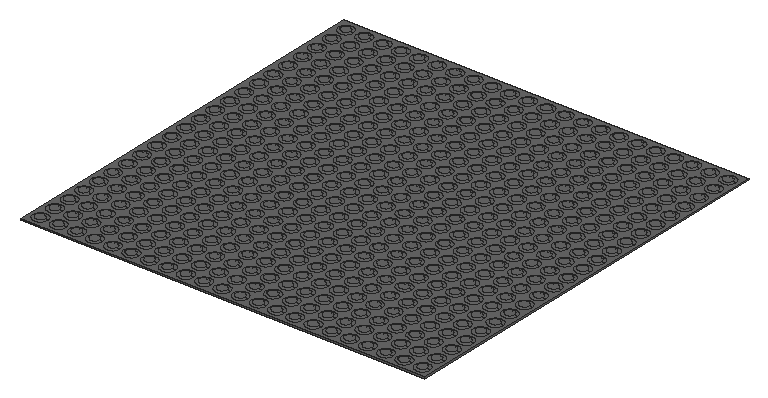
Revit family "141012027113804", category Modelos genéricos, Revit 2018 (continued)
Automatic sketch dimensions
  Blend 80 sketch curve to Blend 80 sketch curve = 17.50 mm
  Blend 80 sketch curve to Blend 80 sketch curve = 12.50 mm
  Blend 81 sketch curve to Blend 81 sketch curve = 17.50 mm
  Blend 81 sketch curve to Blend 81 sketch curve = 12.50 mm
  Blend 82 sketch curve to Blend 82 sketch curve = 17.50 mm
  Blend 82 sketch curve to Blend 82 sketch curve = 12.50 mm
  Blend 83 sketch curve to Blend 83 sketch curve = 17.50 mm
  Blend 83 sketch curve to Blend 83 sketch curve = 12.50 mm
  Blend 84 sketch curve to Blend 84 sketch curve = 17.50 mm
  Blend 84 sketch curve to Blend 84 sketch curve = 12.50 mm
  Blend 85 sketch curve to Blend 85 sketch curve = 17.50 mm
  Blend 85 sketch curve to Blend 85 sketch curve = 12.50 mm
  Blend 86 sketch curve to Blend 86 sketch curve = 17.50 mm
  Blend 86 sketch curve to Blend 86 sketch curve = 12.50 mm
  Blend 87 sketch curve to Blend 87 sketch curve = 17.50 mm
  Blend 87 sketch curve to Blend 87 sketch curve = 12.50 mm
  Blend 88 sketch curve to Blend 88 sketch curve = 17.50 mm
  Blend 88 sketch curve to Blend 88 sketch curve = 12.50 mm
  Blend 89 sketch curve to Blend 89 sketch curve = 12.50 mm
  Blend 89 sketch curve to Blend 89 sketch curve = 17.50 mm
  Blend 90 sketch curve to Blend 90 sketch curve = 17.50 mm
  Blend 90 sketch curve to Blend 90 sketch curve = 12.50 mm
  Blend 91 sketch curve to Blend 91 sketch curve = 17.50 mm
  Blend 91 sketch curve to Blend 91 sketch curve = 12.50 mm
  Blend 92 sketch curve to Blend 92 sketch curve = 17.50 mm
  Blend 92 sketch curve to Blend 92 sketch curve = 12.50 mm
  Blend 93 sketch curve to Blend 93 sketch curve = 17.50 mm
  Blend 93 sketch curve to Blend 93 sketch curve = 12.50 mm
  Blend 94 sketch curve to Blend 94 sketch curve = 17.50 mm
  Blend 94 sketch curve to Blend 94 sketch curve = 12.50 mm
  Blend 95 sketch curve to Blend 95 sketch curve = 17.50 mm
  Blend 95 sketch curve to Blend 95 sketch curve = 12.50 mm
  Blend 96 sketch curve to Blend 96 sketch curve = 17.50 mm
  Blend 96 sketch curve to Blend 96 sketch curve = 12.50 mm
  Blend 97 sketch curve to Blend 97 sketch curve = 17.50 mm
  Blend 97 sketch curve to Blend 97 sketch curve = 12.50 mm
  Blend 98 sketch curve to Blend 98 sketch curve = 17.50 mm
  Blend 98 sketch curve to Blend 98 sketch curve = 12.50 mm
  Blend 99 sketch curve to Blend 99 sketch curve = 17.50 mm
  Blend 99 sketch curve to Blend 99 sketch curve = 12.50 mm
  Blend 100 sketch curve to Blend 100 sketch curve = 17.50 mm
  Blend 100 sketch curve to Blend 100 sketch curve = 12.50 mm
  Blend 101 sketch curve to Blend 101 sketch curve = 17.50 mm
  Blend 101 sketch curve to Blend 101 sketch curve = 12.50 mm
  Blend 102 sketch curve to Blend 102 sketch curve = 17.50 mm
  Blend 102 sketch curve to Blend 102 sketch curve = 12.50 mm
  Blend 103 sketch curve to Blend 103 sketch curve = 17.50 mm
  Blend 103 sketch curve to Blend 103 sketch curve = 12.50 mm
  Blend 104 sketch curve to Blend 104 sketch curve = 17.50 mm
  Blend 104 sketch curve to Blend 104 sketch curve = 12.50 mm
  Blend 105 sketch curve to Blend 105 sketch curve = 17.50 mm
  Blend 105 sketch curve to Blend 105 sketch curve = 12.50 mm
  Blend 106 sketch curve to Blend 106 sketch curve = 17.50 mm
  Blend 106 sketch curve to Blend 106 sketch curve = 12.50 mm
  Blend 107 sketch curve to Blend 107 sketch curve = 17.50 mm
  Blend 107 sketch curve to Blend 107 sketch curve = 12.50 mm
  Blend 108 sketch curve to Blend 108 sketch curve = 17.50 mm
  Blend 108 sketch curve to Blend 108 sketch curve = 12.50 mm
  Blend 109 sketch curve to Blend 109 sketch curve = 17.50 mm
  Blend 109 sketch curve to Blend 109 sketch curve = 12.50 mm
  Blend 110 sketch curve to Blend 110 sketch curve = 17.50 mm
  Blend 110 sketch curve to Blend 110 sketch curve = 12.50 mm
  Blend 111 sketch curve to Blend 111 sketch curve = 12.50 mm
  Blend 111 sketch curve to Blend 111 sketch curve = 17.50 mm
  Blend 112 sketch curve to Blend 112 sketch curve = 17.50 mm
  Blend 112 sketch curve to Blend 112 sketch curve = 12.50 mm
  Blend 113 sketch curve to Blend 113 sketch curve = 17.50 mm
  Blend 113 sketch curve to Blend 113 sketch curve = 12.50 mm
  Blend 114 sketch curve to Blend 114 sketch curve = 17.50 mm
  Blend 114 sketch curve to Blend 114 sketch curve = 12.50 mm
  Blend 115 sketch curve to Blend 115 sketch curve = 17.50 mm
  Blend 115 sketch curve to Blend 115 sketch curve = 12.50 mm
  Blend 116 sketch curve to Blend 116 sketch curve = 17.50 mm
  Blend 116 sketch curve to Blend 116 sketch curve = 12.50 mm
  Blend 117 sketch curve to Blend 117 sketch curve = 17.50 mm
  Blend 117 sketch curve to Blend 117 sketch curve = 12.50 mm
  Blend 118 sketch curve to Blend 118 sketch curve = 17.50 mm
  Blend 118 sketch curve to Blend 118 sketch curve = 12.50 mm
  Blend 119 sketch curve to Blend 119 sketch curve = 17.50 mm
  Blend 119 sketch curve to Blend 119 sketch curve = 12.50 mm
  Blend 120 sketch curve to Blend 120 sketch curve = 17.50 mm
  Blend 120 sketch curve to Blend 120 sketch curve = 12.50 mm
  Blend 121 sketch curve to Blend 121 sketch curve = 17.50 mm
  Blend 121 sketch curve to Blend 121 sketch curve = 12.50 mm
  Blend 122 sketch curve to Blend 122 sketch curve = 17.50 mm
  Blend 122 sketch curve to Blend 122 sketch curve = 12.50 mm
  Blend 123 sketch curve to Blend 123 sketch curve = 17.50 mm
  Blend 123 sketch curve to Blend 123 sketch curve = 12.50 mm
  Blend 124 sketch curve to Blend 124 sketch curve = 17.50 mm
  Blend 124 sketch curve to Blend 124 sketch curve = 12.50 mm
  Blend 125 sketch curve to Blend 125 sketch curve = 17.50 mm
  Blend 125 sketch curve to Blend 125 sketch curve = 12.50 mm
  Blend 126 sketch curve to Blend 126 sketch curve = 17.50 mm
  Blend 126 sketch curve to Blend 126 sketch curve = 12.50 mm
  Blend 127 sketch curve to Blend 127 sketch curve = 17.50 mm
  Blend 127 sketch curve to Blend 127 sketch curve = 12.50 mm
  Blend 128 sketch curve to Blend 128 sketch curve = 17.50 mm
  Blend 128 sketch curve to Blend 128 sketch curve = 12.50 mm
  Blend 129 sketch curve to Blend 129 sketch curve = 17.50 mm
  Blend 129 sketch curve to Blend 129 sketch curve = 12.50 mm
  Blend 130 sketch curve to Blend 130 sketch curve = 17.50 mm
  Blend 130 sketch curve to Blend 130 sketch curve = 12.50 mm
  Blend 131 sketch curve to Blend 131 sketch curve = 17.50 mm
  Blend 131 sketch curve to Blend 131 sketch curve = 12.50 mm
  Blend 132 sketch curve to Blend 132 sketch curve = 17.50 mm
  Blend 132 sketch curve to Blend 132 sketch curve = 12.50 mm
  Blend 133 sketch curve to Blend 133 sketch curve = 12.50 mm
  Blend 133 sketch curve to Blend 133 sketch curve = 17.50 mm
  Blend 134 sketch curve to Blend 134 sketch curve = 17.50 mm
  Blend 134 sketch curve to Blend 134 sketch curve = 12.50 mm
  Blend 135 sketch curve to Blend 135 sketch curve = 17.50 mm
  Blend 135 sketch curve to Blend 135 sketch curve = 12.50 mm
  Blend 136 sketch curve to Blend 136 sketch curve = 17.50 mm
  Blend 136 sketch curve to Blend 136 sketch curve = 12.50 mm
  Blend 137 sketch curve to Blend 137 sketch curve = 17.50 mm
  Blend 137 sketch curve to Blend 137 sketch curve = 12.50 mm
  Blend 138 sketch curve to Blend 138 sketch curve = 17.50 mm
  Blend 138 sketch curve to Blend 138 sketch curve = 12.50 mm
  Blend 139 sketch curve to Blend 139 sketch curve = 17.50 mm
  Blend 139 sketch curve to Blend 139 sketch curve = 12.50 mm
  Blend 140 sketch curve to Blend 140 sketch curve = 17.50 mm
  Blend 140 sketch curve to Blend 140 sketch curve = 12.50 mm
  Blend 141 sketch curve to Blend 141 sketch curve = 17.50 mm
  Blend 141 sketch curve to Blend 141 sketch curve = 12.50 mm
  Blend 142 sketch curve to Blend 142 sketch curve = 17.50 mm
  Blend 142 sketch curve to Blend 142 sketch curve = 12.50 mm
  Blend 143 sketch curve to Blend 143 sketch curve = 17.50 mm
  Blend 143 sketch curve to Blend 143 sketch curve = 12.50 mm
  Blend 144 sketch curve to Blend 144 sketch curve = 17.50 mm
  Blend 144 sketch curve to Blend 144 sketch curve = 12.50 mm
  Blend 145 sketch curve to Blend 145 sketch curve = 17.50 mm
  Blend 145 sketch curve to Blend 145 sketch curve = 12.50 mm
  Blend 146 sketch curve to Blend 146 sketch curve = 17.50 mm
  Blend 146 sketch curve to Blend 146 sketch curve = 12.50 mm
  Blend 147 sketch curve to Blend 147 sketch curve = 17.50 mm
  Blend 147 sketch curve to Blend 147 sketch curve = 12.50 mm
  Blend 148 sketch curve to Blend 148 sketch curve = 17.50 mm
  Blend 148 sketch curve to Blend 148 sketch curve = 12.50 mm
  Blend 149 sketch curve to Blend 149 sketch curve = 17.50 mm
  Blend 149 sketch curve to Blend 149 sketch curve = 12.50 mm
  Blend 150 sketch curve to Blend 150 sketch curve = 17.50 mm
  Blend 150 sketch curve to Blend 150 sketch curve = 12.50 mm
  Blend 151 sketch curve to Blend 151 sketch curve = 17.50 mm
  Blend 151 sketch curve to Blend 151 sketch curve = 12.50 mm
  Blend 152 sketch curve to Blend 152 sketch curve = 17.50 mm
  Blend 152 sketch curve to Blend 152 sketch curve = 12.50 mm
  Blend 153 sketch curve to Blend 153 sketch curve = 17.50 mm
  Blend 153 sketch curve to Blend 153 sketch curve = 12.50 mm
  Blend 154 sketch curve to Blend 154 sketch curve = 17.50 mm
  Blend 154 sketch curve to Blend 154 sketch curve = 12.50 mm
  Blend 155 sketch curve to Blend 155 sketch curve = 12.50 mm
  Blend 155 sketch curve to Blend 155 sketch curve = 17.50 mm
  Blend 156 sketch curve to Blend 156 sketch curve = 17.50 mm
  Blend 156 sketch curve to Blend 156 sketch curve = 12.50 mm
  Blend 157 sketch curve to Blend 157 sketch curve = 17.50 mm
  Blend 157 sketch curve to Blend 157 sketch curve = 12.50 mm
  Blend 158 sketch curve to Blend 158 sketch curve = 17.50 mm
  Blend 158 sketch curve to Blend 158 sketch curve = 12.50 mm
  Blend 159 sketch curve to Blend 159 sketch curve = 17.50 mm
  Blend 159 sketch curve to Blend 159 sketch curve = 12.50 mm
  Blend 160 sketch curve to Blend 160 sketch curve = 17.50 mm
  Blend 160 sketch curve to Blend 160 sketch curve = 12.50 mm
  Blend 161 sketch curve to Blend 161 sketch curve = 17.50 mm
  Blend 161 sketch curve to Blend 161 sketch curve = 12.50 mm
  Blend 162 sketch curve to Blend 162 sketch curve = 17.50 mm
  Blend 162 sketch curve to Blend 162 sketch curve = 12.50 mm
  Blend 163 sketch curve to Blend 163 sketch curve = 17.50 mm
  Blend 163 sketch curve to Blend 163 sketch curve = 12.50 mm
  Blend 164 sketch curve to Blend 164 sketch curve = 17.50 mm
  Blend 164 sketch curve to Blend 164 sketch curve = 12.50 mm
  Blend 165 sketch curve to Blend 165 sketch curve = 17.50 mm
  Blend 165 sketch curve to Blend 165 sketch curve = 12.50 mm
  Blend 166 sketch curve to Blend 166 sketch curve = 17.50 mm
  Blend 166 sketch curve to Blend 166 sketch curve = 12.50 mm
  Blend 167 sketch curve to Blend 167 sketch curve = 17.50 mm
  Blend 167 sketch curve to Blend 167 sketch curve = 12.50 mm
  Blend 168 sketch curve to Blend 168 sketch curve = 17.50 mm
  Blend 168 sketch curve to Blend 168 sketch curve = 12.50 mm
  Blend 169 sketch curve to Blend 169 sketch curve = 17.50 mm
  Blend 169 sketch curve to Blend 169 sketch curve = 12.50 mm
  Blend 170 sketch curve to Blend 170 sketch curve = 17.50 mm
  Blend 170 sketch curve to Blend 170 sketch curve = 12.50 mm
  Blend 171 sketch curve to Blend 171 sketch curve = 17.50 mm
  Blend 171 sketch curve to Blend 171 sketch curve = 12.50 mm
  Blend 172 sketch curve to Blend 172 sketch curve = 17.50 mm
  Blend 172 sketch curve to Blend 172 sketch curve = 12.50 mm
  Blend 173 sketch curve to Blend 173 sketch curve = 17.50 mm
  Blend 173 sketch curve to Blend 173 sketch curve = 12.50 mm
  Blend 174 sketch curve to Blend 174 sketch curve = 17.50 mm
  Blend 174 sketch curve to Blend 174 sketch curve = 12.50 mm
  Blend 175 sketch curve to Blend 175 sketch curve = 17.50 mm
  Blend 175 sketch curve to Blend 175 sketch curve = 12.50 mm
  Blend 176 sketch curve to Blend 176 sketch curve = 17.50 mm
  Blend 176 sketch curve to Blend 176 sketch curve = 12.50 mm
  Blend 177 sketch curve to Blend 177 sketch curve = 12.50 mm
  Blend 177 sketch curve to Blend 177 sketch curve = 17.50 mm
  Blend 178 sketch curve to Blend 178 sketch curve = 17.50 mm
  Blend 178 sketch curve to Blend 178 sketch curve = 12.50 mm
  Blend 179 sketch curve to Blend 179 sketch curve = 17.50 mm
  Blend 179 sketch curve to Blend 179 sketch curve = 12.50 mm
  Blend 180 sketch curve to Blend 180 sketch curve = 17.50 mm
  Blend 180 sketch curve to Blend 180 sketch curve = 12.50 mm
  Blend 181 sketch curve to Blend 181 sketch curve = 17.50 mm
  Blend 181 sketch curve to Blend 181 sketch curve = 12.50 mm
  Blend 182 sketch curve to Blend 182 sketch curve = 17.50 mm
  Blend 182 sketch curve to Blend 182 sketch curve = 12.50 mm
  Blend 183 sketch curve to Blend 183 sketch curve = 17.50 mm
  Blend 183 sketch curve to Blend 183 sketch curve = 12.50 mm
  Blend 184 sketch curve to Blend 184 sketch curve = 17.50 mm
  Blend 184 sketch curve to Blend 184 sketch curve = 12.50 mm
  Blend 185 sketch curve to Blend 185 sketch curve = 17.50 mm
  Blend 185 sketch curve to Blend 185 sketch curve = 12.50 mm
  Blend 186 sketch curve to Blend 186 sketch curve = 17.50 mm
  Blend 186 sketch curve to Blend 186 sketch curve = 12.50 mm
  Blend 187 sketch curve to Blend 187 sketch curve = 17.50 mm
  Blend 187 sketch curve to Blend 187 sketch curve = 12.50 mm
  Blend 188 sketch curve to Blend 188 sketch curve = 17.50 mm
  Blend 188 sketch curve to Blend 188 sketch curve = 12.50 mm
  Blend 189 sketch curve to Blend 189 sketch curve = 17.50 mm
  Blend 189 sketch curve to Blend 189 sketch curve = 12.50 mm
  Blend 190 sketch curve to Blend 190 sketch curve = 17.50 mm
  Blend 190 sketch curve to Blend 190 sketch curve = 12.50 mm
  Blend 191 sketch curve to Blend 191 sketch curve = 17.50 mm
  Blend 191 sketch curve to Blend 191 sketch curve = 12.50 mm
  Blend 192 sketch curve to Blend 192 sketch curve = 17.50 mm
  Blend 192 sketch curve to Blend 192 sketch curve = 12.50 mm
  Blend 193 sketch curve to Blend 193 sketch curve = 17.50 mm
  Blend 193 sketch curve to Blend 193 sketch curve = 12.50 mm
  Blend 194 sketch curve to Blend 194 sketch curve = 17.50 mm
  Blend 194 sketch curve to Blend 194 sketch curve = 12.50 mm
  Blend 195 sketch curve to Blend 195 sketch curve = 17.50 mm
  Blend 195 sketch curve to Blend 195 sketch curve = 12.50 mm
  Blend 196 sketch curve to Blend 196 sketch curve = 17.50 mm
  Blend 196 sketch curve to Blend 196 sketch curve = 12.50 mm
  Blend 197 sketch curve to Blend 197 sketch curve = 17.50 mm
  Blend 197 sketch curve to Blend 197 sketch curve = 12.50 mm
  Blend 198 sketch curve to Blend 198 sketch curve = 17.50 mm
  Blend 198 sketch curve to Blend 198 sketch curve = 12.50 mm
  Blend 199 sketch curve to Blend 199 sketch curve = 12.50 mm
  Blend 199 sketch curve to Blend 199 sketch curve = 17.50 mm
  Blend 200 sketch curve to Blend 200 sketch curve = 17.50 mm
  Blend 200 sketch curve to Blend 200 sketch curve = 12.50 mm
  Blend 201 sketch curve to Blend 201 sketch curve = 17.50 mm
  Blend 201 sketch curve to Blend 201 sketch curve = 12.50 mm
  Blend 202 sketch curve to Blend 202 sketch curve = 17.50 mm
  Blend 202 sketch curve to Blend 202 sketch curve = 12.50 mm
  Blend 203 sketch curve to Blend 203 sketch curve = 17.50 mm
  Blend 203 sketch curve to Blend 203 sketch curve = 12.50 mm
  Blend 204 sketch curve to Blend 204 sketch curve = 17.50 mm
  Blend 204 sketch curve to Blend 204 sketch curve = 12.50 mm
  Blend 205 sketch curve to Blend 205 sketch curve = 17.50 mm
  Blend 205 sketch curve to Blend 205 sketch curve = 12.50 mm
  Blend 206 sketch curve to Blend 206 sketch curve = 17.50 mm
  Blend 206 sketch curve to Blend 206 sketch curve = 12.50 mm
  Blend 207 sketch curve to Blend 207 sketch curve = 17.50 mm
  Blend 207 sketch curve to Blend 207 sketch curve = 12.50 mm
  Blend 208 sketch curve to Blend 208 sketch curve = 17.50 mm
  Blend 208 sketch curve to Blend 208 sketch curve = 12.50 mm
  Blend 209 sketch curve to Blend 209 sketch curve = 17.50 mm
  Blend 209 sketch curve to Blend 209 sketch curve = 12.50 mm
  Blend 210 sketch curve to Blend 210 sketch curve = 17.50 mm
  Blend 210 sketch curve to Blend 210 sketch curve = 12.50 mm
  Blend 211 sketch curve to Blend 211 sketch curve = 17.50 mm
  Blend 211 sketch curve to Blend 211 sketch curve = 12.50 mm
  Blend 212 sketch curve to Blend 212 sketch curve = 17.50 mm
  Blend 212 sketch curve to Blend 212 sketch curve = 12.50 mm
  Blend 213 sketch curve to Blend 213 sketch curve = 17.50 mm
  Blend 213 sketch curve to Blend 213 sketch curve = 12.50 mm
  Blend 214 sketch curve to Blend 214 sketch curve = 17.50 mm
  Blend 214 sketch curve to Blend 214 sketch curve = 12.50 mm
  Blend 215 sketch curve to Blend 215 sketch curve = 17.50 mm
  Blend 215 sketch curve to Blend 215 sketch curve = 12.50 mm
  Blend 216 sketch curve to Blend 216 sketch curve = 17.50 mm
  Blend 216 sketch curve to Blend 216 sketch curve = 12.50 mm
  Blend 217 sketch curve to Blend 217 sketch curve = 17.50 mm
  Blend 217 sketch curve to Blend 217 sketch curve = 12.50 mm
  Blend 218 sketch curve to Blend 218 sketch curve = 17.50 mm
  Blend 218 sketch curve to Blend 218 sketch curve = 12.50 mm
  Blend 219 sketch curve to Blend 219 sketch curve = 17.50 mm
  Blend 219 sketch curve to Blend 219 sketch curve = 12.50 mm
  Blend 220 sketch curve to Blend 220 sketch curve = 17.50 mm
  Blend 220 sketch curve to Blend 220 sketch curve = 12.50 mm
  Blend 221 sketch curve to Blend 221 sketch curve = 12.50 mm
  Blend 221 sketch curve to Blend 221 sketch curve = 17.50 mm
  Blend 222 sketch curve to Blend 222 sketch curve = 17.50 mm
  Blend 222 sketch curve to Blend 222 sketch curve = 12.50 mm
  Blend 223 sketch curve to Blend 223 sketch curve = 17.50 mm
  Blend 223 sketch curve to Blend 223 sketch curve = 12.50 mm
  Blend 224 sketch curve to Blend 224 sketch curve = 17.50 mm
  Blend 224 sketch curve to Blend 224 sketch curve = 12.50 mm
  Blend 225 sketch curve to Blend 225 sketch curve = 17.50 mm
  Blend 225 sketch curve to Blend 225 sketch curve = 12.50 mm
  Blend 226 sketch curve to Blend 226 sketch curve = 17.50 mm
  Blend 226 sketch curve to Blend 226 sketch curve = 12.50 mm
  Blend 227 sketch curve to Blend 227 sketch curve = 17.50 mm
  Blend 227 sketch curve to Blend 227 sketch curve = 12.50 mm
  Blend 228 sketch curve to Blend 228 sketch curve = 17.50 mm
  Blend 228 sketch curve to Blend 228 sketch curve = 12.50 mm
  Blend 229 sketch curve to Blend 229 sketch curve = 17.50 mm
  Blend 229 sketch curve to Blend 229 sketch curve = 12.50 mm
  Blend 230 sketch curve to Blend 230 sketch curve = 17.50 mm
  Blend 230 sketch curve to Blend 230 sketch curve = 12.50 mm
  Blend 231 sketch curve to Blend 231 sketch curve = 17.50 mm
  Blend 231 sketch curve to Blend 231 sketch curve = 12.50 mm
  Blend 232 sketch curve to Blend 232 sketch curve = 17.50 mm
  Blend 232 sketch curve to Blend 232 sketch curve = 12.50 mm
  Blend 233 sketch curve to Blend 233 sketch curve = 17.50 mm
  Blend 233 sketch curve to Blend 233 sketch curve = 12.50 mm
  Blend 234 sketch curve to Blend 234 sketch curve = 17.50 mm
  Blend 234 sketch curve to Blend 234 sketch curve = 12.50 mm
  Blend 235 sketch curve to Blend 235 sketch curve = 17.50 mm
  Blend 235 sketch curve to Blend 235 sketch curve = 12.50 mm
  Blend 236 sketch curve to Blend 236 sketch curve = 17.50 mm
  Blend 236 sketch curve to Blend 236 sketch curve = 12.50 mm
  Blend 237 sketch curve to Blend 237 sketch curve = 17.50 mm
  Blend 237 sketch curve to Blend 237 sketch curve = 12.50 mm
  Blend 238 sketch curve to Blend 238 sketch curve = 17.50 mm
  Blend 238 sketch curve to Blend 238 sketch curve = 12.50 mm
  Blend 239 sketch curve to Blend 239 sketch curve = 17.50 mm
  Blend 239 sketch curve to Blend 239 sketch curve = 12.50 mm
  Blend 240 sketch curve to Blend 240 sketch curve = 17.50 mm
  Blend 240 sketch curve to Blend 240 sketch curve = 12.50 mm
  Blend 241 sketch curve to Blend 241 sketch curve = 17.50 mm
  Blend 241 sketch curve to Blend 241 sketch curve = 12.50 mm
  Blend 242 sketch curve to Blend 242 sketch curve = 17.50 mm
  Blend 242 sketch curve to Blend 242 sketch curve = 12.50 mm
  Blend 243 sketch curve to Blend 243 sketch curve = 12.50 mm
  Blend 243 sketch curve to Blend 243 sketch curve = 17.50 mm
  Blend 244 sketch curve to Blend 244 sketch curve = 17.50 mm
  Blend 244 sketch curve to Blend 244 sketch curve = 12.50 mm
  Blend 245 sketch curve to Blend 245 sketch curve = 17.50 mm
  Blend 245 sketch curve to Blend 245 sketch curve = 12.50 mm
  Blend 246 sketch curve to Blend 246 sketch curve = 17.50 mm
  Blend 246 sketch curve to Blend 246 sketch curve = 12.50 mm
  Blend 247 sketch curve to Blend 247 sketch curve = 17.50 mm
  Blend 247 sketch curve to Blend 247 sketch curve = 12.50 mm
  Blend 248 sketch curve to Blend 248 sketch curve = 17.50 mm
  Blend 248 sketch curve to Blend 248 sketch curve = 12.50 mm
  Blend 249 sketch curve to Blend 249 sketch curve = 17.50 mm
  Blend 249 sketch curve to Blend 249 sketch curve = 12.50 mm
  Blend 250 sketch curve to Blend 250 sketch curve = 17.50 mm
  Blend 250 sketch curve to Blend 250 sketch curve = 12.50 mm
  Blend 251 sketch curve to Blend 251 sketch curve = 17.50 mm
  Blend 251 sketch curve to Blend 251 sketch curve = 12.50 mm
  Blend 252 sketch curve to Blend 252 sketch curve = 17.50 mm
  Blend 252 sketch curve to Blend 252 sketch curve = 12.50 mm
  Blend 253 sketch curve to Blend 253 sketch curve = 17.50 mm
  Blend 253 sketch curve to Blend 253 sketch curve = 12.50 mm
  Blend 254 sketch curve to Blend 254 sketch curve = 17.50 mm
  Blend 254 sketch curve to Blend 254 sketch curve = 12.50 mm
  Blend 255 sketch curve to Blend 255 sketch curve = 17.50 mm
  Blend 255 sketch curve to Blend 255 sketch curve = 12.50 mm
  Blend 256 sketch curve to Blend 256 sketch curve = 17.50 mm
  Blend 256 sketch curve to Blend 256 sketch curve = 12.50 mm
  Blend 257 sketch curve to Blend 257 sketch curve = 17.50 mm
  Blend 257 sketch curve to Blend 257 sketch curve = 12.50 mm
  Blend 258 sketch curve to Blend 258 sketch curve = 17.50 mm
  Blend 258 sketch curve to Blend 258 sketch curve = 12.50 mm
  Blend 259 sketch curve to Blend 259 sketch curve = 17.50 mm
  Blend 259 sketch curve to Blend 259 sketch curve = 12.50 mm
  Blend 260 sketch curve to Blend 260 sketch curve = 17.50 mm
  Blend 260 sketch curve to Blend 260 sketch curve = 12.50 mm
  Blend 261 sketch curve to Blend 261 sketch curve = 17.50 mm
  Blend 261 sketch curve to Blend 261 sketch curve = 12.50 mm
  Blend 262 sketch curve to Blend 262 sketch curve = 17.50 mm
  Blend 262 sketch curve to Blend 262 sketch curve = 12.50 mm
  Blend 263 sketch curve to Blend 263 sketch curve = 17.50 mm
  Blend 263 sketch curve to Blend 263 sketch curve = 12.50 mm
  Blend 264 sketch curve to Blend 264 sketch curve = 17.50 mm
  Blend 264 sketch curve to Blend 264 sketch curve = 12.50 mm
  Blend 265 sketch curve to Blend 265 sketch curve = 12.50 mm
  Blend 265 sketch curve to Blend 265 sketch curve = 17.50 mm
  Blend 266 sketch curve to Blend 266 sketch curve = 17.50 mm
  Blend 266 sketch curve to Blend 266 sketch curve = 12.50 mm
  Blend 267 sketch curve to Blend 267 sketch curve = 17.50 mm
  Blend 267 sketch curve to Blend 267 sketch curve = 12.50 mm
  Blend 268 sketch curve to Blend 268 sketch curve = 17.50 mm
  Blend 268 sketch curve to Blend 268 sketch curve = 12.50 mm
  Blend 269 sketch curve to Blend 269 sketch curve = 17.50 mm
  Blend 269 sketch curve to Blend 269 sketch curve = 12.50 mm
  Blend 270 sketch curve to Blend 270 sketch curve = 17.50 mm
  Blend 270 sketch curve to Blend 270 sketch curve = 12.50 mm
  Blend 271 sketch curve to Blend 271 sketch curve = 17.50 mm
  Blend 271 sketch curve to Blend 271 sketch curve = 12.50 mm
  Blend 272 sketch curve to Blend 272 sketch curve = 17.50 mm
  Blend 272 sketch curve to Blend 272 sketch curve = 12.50 mm
  Blend 273 sketch curve to Blend 273 sketch curve = 17.50 mm
  Blend 273 sketch curve to Blend 273 sketch curve = 12.50 mm
  Blend 274 sketch curve to Blend 274 sketch curve = 17.50 mm
  Blend 274 sketch curve to Blend 274 sketch curve = 12.50 mm
  Blend 275 sketch curve to Blend 275 sketch curve = 17.50 mm
  Blend 275 sketch curve to Blend 275 sketch curve = 12.50 mm
  Blend 276 sketch curve to Blend 276 sketch curve = 17.50 mm
  Blend 276 sketch curve to Blend 276 sketch curve = 12.50 mm
  Blend 277 sketch curve to Blend 277 sketch curve = 17.50 mm
  Blend 277 sketch curve to Blend 277 sketch curve = 12.50 mm
  Blend 278 sketch curve to Blend 278 sketch curve = 17.50 mm
  Blend 278 sketch curve to Blend 278 sketch curve = 12.50 mm
  Blend 279 sketch curve to Blend 279 sketch curve = 17.50 mm
  Blend 279 sketch curve to Blend 279 sketch curve = 12.50 mm
  Blend 280 sketch curve to Blend 280 sketch curve = 17.50 mm
  Blend 280 sketch curve to Blend 280 sketch curve = 12.50 mm
  Blend 281 sketch curve to Blend 281 sketch curve = 17.50 mm
  Blend 281 sketch curve to Blend 281 sketch curve = 12.50 mm
  Blend 282 sketch curve to Blend 282 sketch curve = 17.50 mm
  Blend 282 sketch curve to Blend 282 sketch curve = 12.50 mm
  Blend 283 sketch curve to Blend 283 sketch curve = 17.50 mm
  Blend 283 sketch curve to Blend 283 sketch curve = 12.50 mm
  Blend 284 sketch curve to Blend 284 sketch curve = 17.50 mm
  Blend 284 sketch curve to Blend 284 sketch curve = 12.50 mm
  Blend 285 sketch curve to Blend 285 sketch curve = 17.50 mm
  Blend 285 sketch curve to Blend 285 sketch curve = 12.50 mm
  Blend 286 sketch curve to Blend 286 sketch curve = 17.50 mm
  Blend 286 sketch curve to Blend 286 sketch curve = 12.50 mm
  Blend 287 sketch curve to Blend 287 sketch curve = 12.50 mm
  Blend 287 sketch curve to Blend 287 sketch curve = 17.50 mm
  Blend 288 sketch curve to Blend 288 sketch curve = 17.50 mm
  Blend 288 sketch curve to Blend 288 sketch curve = 12.50 mm
  Blend 289 sketch curve to Blend 289 sketch curve = 17.50 mm
  Blend 289 sketch curve to Blend 289 sketch curve = 12.50 mm
  Blend 290 sketch curve to Blend 290 sketch curve = 17.50 mm
  Blend 290 sketch curve to Blend 290 sketch curve = 12.50 mm
  Blend 291 sketch curve to Blend 291 sketch curve = 17.50 mm
  Blend 291 sketch curve to Blend 291 sketch curve = 12.50 mm
  Blend 292 sketch curve to Blend 292 sketch curve = 17.50 mm
  Blend 292 sketch curve to Blend 292 sketch curve = 12.50 mm
  Blend 293 sketch curve to Blend 293 sketch curve = 17.50 mm
  Blend 293 sketch curve to Blend 293 sketch curve = 12.50 mm
  Blend 294 sketch curve to Blend 294 sketch curve = 17.50 mm
  Blend 294 sketch curve to Blend 294 sketch curve = 12.50 mm
  Blend 295 sketch curve to Blend 295 sketch curve = 17.50 mm
  Blend 295 sketch curve to Blend 295 sketch curve = 12.50 mm
  Blend 296 sketch curve to Blend 296 sketch curve = 17.50 mm
  Blend 296 sketch curve to Blend 296 sketch curve = 12.50 mm
  Blend 297 sketch curve to Blend 297 sketch curve = 17.50 mm
  Blend 297 sketch curve to Blend 297 sketch curve = 12.50 mm
  Blend 298 sketch curve to Blend 298 sketch curve = 17.50 mm
  Blend 298 sketch curve to Blend 298 sketch curve = 12.50 mm
  Blend 299 sketch curve to Blend 299 sketch curve = 17.50 mm
  Blend 299 sketch curve to Blend 299 sketch curve = 12.50 mm
  Blend 300 sketch curve to Blend 300 sketch curve = 17.50 mm
  Blend 300 sketch curve to Blend 300 sketch curve = 12.50 mm
  Blend 301 sketch curve to Blend 301 sketch curve = 17.50 mm
  Blend 301 sketch curve to Blend 301 sketch curve = 12.50 mm
  Blend 302 sketch curve to Blend 302 sketch curve = 17.50 mm
  Blend 302 sketch curve to Blend 302 sketch curve = 12.50 mm
  Blend 303 sketch curve to Blend 303 sketch curve = 17.50 mm
  Blend 303 sketch curve to Blend 303 sketch curve = 12.50 mm
  Blend 304 sketch curve to Blend 304 sketch curve = 17.50 mm
  Blend 304 sketch curve to Blend 304 sketch curve = 12.50 mm
  Blend 305 sketch curve to Blend 305 sketch curve = 17.50 mm
  Blend 305 sketch curve to Blend 305 sketch curve = 12.50 mm
  Blend 306 sketch curve to Blend 306 sketch curve = 17.50 mm
  Blend 306 sketch curve to Blend 306 sketch curve = 12.50 mm
  Blend 307 sketch curve to Blend 307 sketch curve = 17.50 mm
  Blend 307 sketch curve to Blend 307 sketch curve = 12.50 mm
  Blend 308 sketch curve to Blend 308 sketch curve = 17.50 mm
  Blend 308 sketch curve to Blend 308 sketch curve = 12.50 mm
  Blend 309 sketch curve to Blend 309 sketch curve = 12.50 mm
  Blend 309 sketch curve to Blend 309 sketch curve = 17.50 mm
  Blend 310 sketch curve to Blend 310 sketch curve = 17.50 mm
  Blend 310 sketch curve to Blend 310 sketch curve = 12.50 mm
  Blend 311 sketch curve to Blend 311 sketch curve = 17.50 mm
  Blend 311 sketch curve to Blend 311 sketch curve = 12.50 mm
  Blend 312 sketch curve to Blend 312 sketch curve = 17.50 mm
  Blend 312 sketch curve to Blend 312 sketch curve = 12.50 mm
  Blend 313 sketch curve to Blend 313 sketch curve = 17.50 mm
  Blend 313 sketch curve to Blend 313 sketch curve = 12.50 mm
  Blend 314 sketch curve to Blend 314 sketch curve = 17.50 mm
  Blend 314 sketch curve to Blend 314 sketch curve = 12.50 mm
  Blend 315 sketch curve to Blend 315 sketch curve = 17.50 mm
  Blend 315 sketch curve to Blend 315 sketch curve = 12.50 mm
  Blend 316 sketch curve to Blend 316 sketch curve = 17.50 mm
  Blend 316 sketch curve to Blend 316 sketch curve = 12.50 mm
  Blend 317 sketch curve to Blend 317 sketch curve = 17.50 mm
  Blend 317 sketch curve to Blend 317 sketch curve = 12.50 mm
  Blend 318 sketch curve to Blend 318 sketch curve = 17.50 mm
  Blend 318 sketch curve to Blend 318 sketch curve = 12.50 mm
  Blend 319 sketch curve to Blend 319 sketch curve = 17.50 mm
  Blend 319 sketch curve to Blend 319 sketch curve = 12.50 mm
  Blend 320 sketch curve to Blend 320 sketch curve = 17.50 mm
  Blend 320 sketch curve to Blend 320 sketch curve = 12.50 mm
  Blend 321 sketch curve to Blend 321 sketch curve = 17.50 mm
  Blend 321 sketch curve to Blend 321 sketch curve = 12.50 mm
  Blend 322 sketch curve to Blend 322 sketch curve = 17.50 mm
  Blend 322 sketch curve to Blend 322 sketch curve = 12.50 mm
  Blend 323 sketch curve to Blend 323 sketch curve = 17.50 mm
  Blend 323 sketch curve to Blend 323 sketch curve = 12.50 mm
  Blend 324 sketch curve to Blend 324 sketch curve = 17.50 mm
  Blend 324 sketch curve to Blend 324 sketch curve = 12.50 mm
  Blend 325 sketch curve to Blend 325 sketch curve = 17.50 mm
  Blend 325 sketch curve to Blend 325 sketch curve = 12.50 mm
  Blend 326 sketch curve to Blend 326 sketch curve = 17.50 mm
  Blend 326 sketch curve to Blend 326 sketch curve = 12.50 mm
  Blend 327 sketch curve to Blend 327 sketch curve = 17.50 mm
  Blend 327 sketch curve to Blend 327 sketch curve = 12.50 mm
  Blend 328 sketch curve to Blend 328 sketch curve = 17.50 mm
  Blend 328 sketch curve to Blend 328 sketch curve = 12.50 mm
  Blend 329 sketch curve to Blend 329 sketch curve = 17.50 mm
  Blend 329 sketch curve to Blend 329 sketch curve = 12.50 mm
  Blend 330 sketch curve to Blend 330 sketch curve = 17.50 mm
  Blend 330 sketch curve to Blend 330 sketch curve = 12.50 mm
  Blend 331 sketch curve to Blend 331 sketch curve = 12.50 mm
  Blend 331 sketch curve to Blend 331 sketch curve = 17.50 mm
  Blend 332 sketch curve to Blend 332 sketch curve = 17.50 mm
  Blend 332 sketch curve to Blend 332 sketch curve = 12.50 mm
  Blend 333 sketch curve to Blend 333 sketch curve = 17.50 mm
  Blend 333 sketch curve to Blend 333 sketch curve = 12.50 mm
  Blend 334 sketch curve to Blend 334 sketch curve = 17.50 mm
  Blend 334 sketch curve to Blend 334 sketch curve = 12.50 mm
  Blend 335 sketch curve to Blend 335 sketch curve = 17.50 mm
  Blend 335 sketch curve to Blend 335 sketch curve = 12.50 mm
  Blend 336 sketch curve to Blend 336 sketch curve = 17.50 mm
  Blend 336 sketch curve to Blend 336 sketch curve = 12.50 mm
  Blend 337 sketch curve to Blend 337 sketch curve = 17.50 mm
  Blend 337 sketch curve to Blend 337 sketch curve = 12.50 mm
  Blend 338 sketch curve to Blend 338 sketch curve = 17.50 mm
  Blend 338 sketch curve to Blend 338 sketch curve = 12.50 mm
  Blend 339 sketch curve to Blend 339 sketch curve = 17.50 mm
  Blend 339 sketch curve to Blend 339 sketch curve = 12.50 mm
  Blend 340 sketch curve to Blend 340 sketch curve = 17.50 mm
  Blend 340 sketch curve to Blend 340 sketch curve = 12.50 mm
  Blend 341 sketch curve to Blend 341 sketch curve = 17.50 mm
  Blend 341 sketch curve to Blend 341 sketch curve = 12.50 mm
  Blend 342 sketch curve to Blend 342 sketch curve = 17.50 mm
  Blend 342 sketch curve to Blend 342 sketch curve = 12.50 mm
  Blend 343 sketch curve to Blend 343 sketch curve = 17.50 mm
  Blend 343 sketch curve to Blend 343 sketch curve = 12.50 mm
  Blend 344 sketch curve to Blend 344 sketch curve = 17.50 mm
  Blend 344 sketch curve to Blend 344 sketch curve = 12.50 mm
  Blend 345 sketch curve to Blend 345 sketch curve = 17.50 mm
  Blend 345 sketch curve to Blend 345 sketch curve = 12.50 mm
  Blend 346 sketch curve to Blend 346 sketch curve = 17.50 mm
  Blend 346 sketch curve to Blend 346 sketch curve = 12.50 mm
  Blend 347 sketch curve to Blend 347 sketch curve = 17.50 mm
  Blend 347 sketch curve to Blend 347 sketch curve = 12.50 mm
  Blend 348 sketch curve to Blend 348 sketch curve = 17.50 mm
  Blend 348 sketch curve to Blend 348 sketch curve = 12.50 mm
  Blend 349 sketch curve to Blend 349 sketch curve = 17.50 mm
  Blend 349 sketch curve to Blend 349 sketch curve = 12.50 mm
  Blend 350 sketch curve to Blend 350 sketch curve = 17.50 mm
  Blend 350 sketch curve to Blend 350 sketch curve = 12.50 mm
  Blend 351 sketch curve to Blend 351 sketch curve = 17.50 mm
  Blend 351 sketch curve to Blend 351 sketch curve = 12.50 mm
  Blend 352 sketch curve to Blend 352 sketch curve = 17.50 mm
  Blend 352 sketch curve to Blend 352 sketch curve = 12.50 mm
  Blend 353 sketch curve to Blend 353 sketch curve = 12.50 mm
  Blend 353 sketch curve to Blend 353 sketch curve = 17.50 mm
  Blend 354 sketch curve to Blend 354 sketch curve = 17.50 mm
  Blend 354 sketch curve to Blend 354 sketch curve = 12.50 mm
  Blend 355 sketch curve to Blend 355 sketch curve = 17.50 mm
  Blend 355 sketch curve to Blend 355 sketch curve = 12.50 mm
  Blend 356 sketch curve to Blend 356 sketch curve = 17.50 mm
  Blend 356 sketch curve to Blend 356 sketch curve = 12.50 mm
  Blend 357 sketch curve to Blend 357 sketch curve = 17.50 mm
  Blend 357 sketch curve to Blend 357 sketch curve = 12.50 mm
  Blend 358 sketch curve to Blend 358 sketch curve = 17.50 mm
  Blend 358 sketch curve to Blend 358 sketch curve = 12.50 mm
  Blend 359 sketch curve to Blend 359 sketch curve = 17.50 mm
  Blend 359 sketch curve to Blend 359 sketch curve = 12.50 mm
  Blend 360 sketch curve to Blend 360 sketch curve = 17.50 mm
  Blend 360 sketch curve to Blend 360 sketch curve = 12.50 mm
  Blend 361 sketch curve to Blend 361 sketch curve = 17.50 mm
  Blend 361 sketch curve to Blend 361 sketch curve = 12.50 mm
  Blend 362 sketch curve to Blend 362 sketch curve = 17.50 mm
  Blend 362 sketch curve to Blend 362 sketch curve = 12.50 mm
  Blend 363 sketch curve to Blend 363 sketch curve = 17.50 mm
  Blend 363 sketch curve to Blend 363 sketch curve = 12.50 mm
  Blend 364 sketch curve to Blend 364 sketch curve = 17.50 mm
  Blend 364 sketch curve to Blend 364 sketch curve = 12.50 mm
  Blend 365 sketch curve to Blend 365 sketch curve = 17.50 mm
  Blend 365 sketch curve to Blend 365 sketch curve = 12.50 mm
  Blend 366 sketch curve to Blend 366 sketch curve = 17.50 mm
  Blend 366 sketch curve to Blend 366 sketch curve = 12.50 mm
  Blend 367 sketch curve to Blend 367 sketch curve = 17.50 mm
  Blend 367 sketch curve to Blend 367 sketch curve = 12.50 mm
  Blend 368 sketch curve to Blend 368 sketch curve = 17.50 mm
  Blend 368 sketch curve to Blend 368 sketch curve = 12.50 mm
  Blend 369 sketch curve to Blend 369 sketch curve = 17.50 mm
  Blend 369 sketch curve to Blend 369 sketch curve = 12.50 mm
  Blend 370 sketch curve to Blend 370 sketch curve = 17.50 mm
  Blend 370 sketch curve to Blend 370 sketch curve = 12.50 mm
  Blend 371 sketch curve to Blend 371 sketch curve = 17.50 mm
  Blend 371 sketch curve to Blend 371 sketch curve = 12.50 mm
  Blend 372 sketch curve to Blend 372 sketch curve = 17.50 mm
  Blend 372 sketch curve to Blend 372 sketch curve = 12.50 mm
  Blend 373 sketch curve to Blend 373 sketch curve = 17.50 mm
  Blend 373 sketch curve to Blend 373 sketch curve = 12.50 mm
  Blend 374 sketch curve to Blend 374 sketch curve = 17.50 mm
  Blend 374 sketch curve to Blend 374 sketch curve = 12.50 mm
  Blend 375 sketch curve to Blend 375 sketch curve = 12.50 mm
  Blend 375 sketch curve to Blend 375 sketch curve = 17.50 mm
  Blend 376 sketch curve to Blend 376 sketch curve = 17.50 mm
  Blend 376 sketch curve to Blend 376 sketch curve = 12.50 mm
  Blend 377 sketch curve to Blend 377 sketch curve = 17.50 mm
  Blend 377 sketch curve to Blend 377 sketch curve = 12.50 mm
  Blend 378 sketch curve to Blend 378 sketch curve = 17.50 mm
  Blend 378 sketch curve to Blend 378 sketch curve = 12.50 mm
  Blend 379 sketch curve to Blend 379 sketch curve = 17.50 mm
  Blend 379 sketch curve to Blend 379 sketch curve = 12.50 mm
  Blend 380 sketch curve to Blend 380 sketch curve = 17.50 mm
  Blend 380 sketch curve to Blend 380 sketch curve = 12.50 mm
  Blend 381 sketch curve to Blend 381 sketch curve = 17.50 mm
  Blend 381 sketch curve to Blend 381 sketch curve = 12.50 mm
  Blend 382 sketch curve to Blend 382 sketch curve = 17.50 mm
  Blend 382 sketch curve to Blend 382 sketch curve = 12.50 mm
  Blend 383 sketch curve to Blend 383 sketch curve = 17.50 mm
  Blend 383 sketch curve to Blend 383 sketch curve = 12.50 mm
  Blend 384 sketch curve to Blend 384 sketch curve = 17.50 mm
  Blend 384 sketch curve to Blend 384 sketch curve = 12.50 mm
  Blend 385 sketch curve to Blend 385 sketch curve = 17.50 mm
  Blend 385 sketch curve to Blend 385 sketch curve = 12.50 mm
  Blend 386 sketch curve to Blend 386 sketch curve = 17.50 mm
  Blend 386 sketch curve to Blend 386 sketch curve = 12.50 mm
  Blend 387 sketch curve to Blend 387 sketch curve = 17.50 mm
  Blend 387 sketch curve to Blend 387 sketch curve = 12.50 mm
  Blend 388 sketch curve to Blend 388 sketch curve = 17.50 mm
  Blend 388 sketch curve to Blend 388 sketch curve = 12.50 mm
  Blend 389 sketch curve to Blend 389 sketch curve = 17.50 mm
  Blend 389 sketch curve to Blend 389 sketch curve = 12.50 mm
  Blend 390 sketch curve to Blend 390 sketch curve = 17.50 mm
  Blend 390 sketch curve to Blend 390 sketch curve = 12.50 mm
  Blend 391 sketch curve to Blend 391 sketch curve = 17.50 mm
  Blend 391 sketch curve to Blend 391 sketch curve = 12.50 mm
  Blend 392 sketch curve to Blend 392 sketch curve = 17.50 mm
  Blend 392 sketch curve to Blend 392 sketch curve = 12.50 mm
  Blend 393 sketch curve to Blend 393 sketch curve = 17.50 mm
  Blend 393 sketch curve to Blend 393 sketch curve = 12.50 mm
  Blend 394 sketch curve to Blend 394 sketch curve = 17.50 mm
  Blend 394 sketch curve to Blend 394 sketch curve = 12.50 mm
  Blend 395 sketch curve to Blend 395 sketch curve = 17.50 mm
  Blend 395 sketch curve to Blend 395 sketch curve = 12.50 mm
  Blend 396 sketch curve to Blend 396 sketch curve = 17.50 mm
  Blend 396 sketch curve to Blend 396 sketch curve = 12.50 mm
  Blend 397 sketch curve to Blend 397 sketch curve = 12.50 mm
  Blend 397 sketch curve to Blend 397 sketch curve = 17.50 mm
  Blend 398 sketch curve to Blend 398 sketch curve = 17.50 mm
  Blend 398 sketch curve to Blend 398 sketch curve = 12.50 mm
  Blend 399 sketch curve to Blend 399 sketch curve = 17.50 mm
  Blend 399 sketch curve to Blend 399 sketch curve = 12.50 mm
  Blend 400 sketch curve to Blend 400 sketch curve = 17.50 mm
  Blend 400 sketch curve to Blend 400 sketch curve = 12.50 mm
  Blend 401 sketch curve to Blend 401 sketch curve = 17.50 mm
  Blend 401 sketch curve to Blend 401 sketch curve = 12.50 mm
  Blend 402 sketch curve to Blend 402 sketch curve = 17.50 mm
  Blend 402 sketch curve to Blend 402 sketch curve = 12.50 mm
  Blend 403 sketch curve to Blend 403 sketch curve = 17.50 mm
  Blend 403 sketch curve to Blend 403 sketch curve = 12.50 mm
  Blend 404 sketch curve to Blend 404 sketch curve = 17.50 mm
  Blend 404 sketch curve to Blend 404 sketch curve = 12.50 mm
  Blend 405 sketch curve to Blend 405 sketch curve = 17.50 mm
  Blend 405 sketch curve to Blend 405 sketch curve = 12.50 mm
  Blend 406 sketch curve to Blend 406 sketch curve = 17.50 mm
  Blend 406 sketch curve to Blend 406 sketch curve = 12.50 mm
  Blend 407 sketch curve to Blend 407 sketch curve = 17.50 mm
  Blend 407 sketch curve to Blend 407 sketch curve = 12.50 mm
  Blend 408 sketch curve to Blend 408 sketch curve = 17.50 mm
  Blend 408 sketch curve to Blend 408 sketch curve = 12.50 mm
  Blend 409 sketch curve to Blend 409 sketch curve = 17.50 mm
  Blend 409 sketch curve to Blend 409 sketch curve = 12.50 mm
  Blend 410 sketch curve to Blend 410 sketch curve = 17.50 mm
  Blend 410 sketch curve to Blend 410 sketch curve = 12.50 mm
  Blend 411 sketch curve to Blend 411 sketch curve = 17.50 mm
  Blend 411 sketch curve to Blend 411 sketch curve = 12.50 mm
  Blend 412 sketch curve to Blend 412 sketch curve = 17.50 mm
  Blend 412 sketch curve to Blend 412 sketch curve = 12.50 mm
  Blend 413 sketch curve to Blend 413 sketch curve = 17.50 mm
  Blend 413 sketch curve to Blend 413 sketch curve = 12.50 mm
  Blend 414 sketch curve to Blend 414 sketch curve = 17.50 mm
  Blend 414 sketch curve to Blend 414 sketch curve = 12.50 mm
  Blend 415 sketch curve to Blend 415 sketch curve = 17.50 mm
  Blend 415 sketch curve to Blend 415 sketch curve = 12.50 mm
  Blend 416 sketch curve to Blend 416 sketch curve = 17.50 mm
  Blend 416 sketch curve to Blend 416 sketch curve = 12.50 mm
  Blend 417 sketch curve to Blend 417 sketch curve = 17.50 mm
  Blend 417 sketch curve to Blend 417 sketch curve = 12.50 mm
  Blend 418 sketch curve to Blend 418 sketch curve = 17.50 mm
  Blend 418 sketch curve to Blend 418 sketch curve = 12.50 mm
  Blend 419 sketch curve to Blend 419 sketch curve = 12.50 mm
  Blend 419 sketch curve to Blend 419 sketch curve = 17.50 mm
  Blend 420 sketch curve to Blend 420 sketch curve = 17.50 mm
  Blend 420 sketch curve to Blend 420 sketch curve = 12.50 mm
  Blend 421 sketch curve to Blend 421 sketch curve = 17.50 mm
  Blend 421 sketch curve to Blend 421 sketch curve = 12.50 mm
  Blend 422 sketch curve to Blend 422 sketch curve = 17.50 mm
  Blend 422 sketch curve to Blend 422 sketch curve = 12.50 mm
  Blend 423 sketch curve to Blend 423 sketch curve = 17.50 mm
  Blend 423 sketch curve to Blend 423 sketch curve = 12.50 mm
  Blend 424 sketch curve to Blend 424 sketch curve = 17.50 mm
  Blend 424 sketch curve to Blend 424 sketch curve = 12.50 mm
  Blend 425 sketch curve to Blend 425 sketch curve = 17.50 mm
  Blend 425 sketch curve to Blend 425 sketch curve = 12.50 mm
  Blend 426 sketch curve to Blend 426 sketch curve = 17.50 mm
  Blend 426 sketch curve to Blend 426 sketch curve = 12.50 mm
  Blend 427 sketch curve to Blend 427 sketch curve = 17.50 mm
  Blend 427 sketch curve to Blend 427 sketch curve = 12.50 mm
  Blend 428 sketch curve to Blend 428 sketch curve = 17.50 mm
  Blend 428 sketch curve to Blend 428 sketch curve = 12.50 mm
  Blend 429 sketch curve to Blend 429 sketch curve = 17.50 mm
  Blend 429 sketch curve to Blend 429 sketch curve = 12.50 mm
  Blend 430 sketch curve to Blend 430 sketch curve = 17.50 mm
  Blend 430 sketch curve to Blend 430 sketch curve = 12.50 mm
  Blend 431 sketch curve to Blend 431 sketch curve = 17.50 mm
  Blend 431 sketch curve to Blend 431 sketch curve = 12.50 mm
  Blend 432 sketch curve to Blend 432 sketch curve = 17.50 mm
  Blend 432 sketch curve to Blend 432 sketch curve = 12.50 mm
  Blend 433 sketch curve to Blend 433 sketch curve = 17.50 mm
  Blend 433 sketch curve to Blend 433 sketch curve = 12.50 mm
  Blend 434 sketch curve to Blend 434 sketch curve = 17.50 mm
  Blend 434 sketch curve to Blend 434 sketch curve = 12.50 mm
  Blend 435 sketch curve to Blend 435 sketch curve = 17.50 mm
  Blend 435 sketch curve to Blend 435 sketch curve = 12.50 mm
  Blend 436 sketch curve to Blend 436 sketch curve = 17.50 mm
  Blend 436 sketch curve to Blend 436 sketch curve = 12.50 mm
  Blend 437 sketch curve to Blend 437 sketch curve = 17.50 mm
  Blend 437 sketch curve to Blend 437 sketch curve = 12.50 mm
  Blend 438 sketch curve to Blend 438 sketch curve = 17.50 mm
  Blend 438 sketch curve to Blend 438 sketch curve = 12.50 mm
  Blend 439 sketch curve to Blend 439 sketch curve = 17.50 mm
  Blend 439 sketch curve to Blend 439 sketch curve = 12.50 mm
  Blend 440 sketch curve to Blend 440 sketch curve = 17.50 mm
  Blend 440 sketch curve to Blend 440 sketch curve = 12.50 mm
  Blend 441 sketch curve to Blend 441 sketch curve = 12.50 mm
  Blend 441 sketch curve to Blend 441 sketch curve = 17.50 mm
  Blend 442 sketch curve to Blend 442 sketch curve = 17.50 mm
  Blend 442 sketch curve to Blend 442 sketch curve = 12.50 mm
  Blend 443 sketch curve to Blend 443 sketch curve = 17.50 mm
  Blend 443 sketch curve to Blend 443 sketch curve = 12.50 mm
  Blend 444 sketch curve to Blend 444 sketch curve = 17.50 mm
  Blend 444 sketch curve to Blend 444 sketch curve = 12.50 mm
  Blend 445 sketch curve to Blend 445 sketch curve = 17.50 mm
  Blend 445 sketch curve to Blend 445 sketch curve = 12.50 mm
  Blend 446 sketch curve to Blend 446 sketch curve = 17.50 mm
  Blend 446 sketch curve to Blend 446 sketch curve = 12.50 mm
  Blend 447 sketch curve to Blend 447 sketch curve = 17.50 mm
  Blend 447 sketch curve to Blend 447 sketch curve = 12.50 mm
  Blend 448 sketch curve to Blend 448 sketch curve = 17.50 mm
  Blend 448 sketch curve to Blend 448 sketch curve = 12.50 mm
  Blend 449 sketch curve to Blend 449 sketch curve = 17.50 mm
  Blend 449 sketch curve to Blend 449 sketch curve = 12.50 mm
  Blend 450 sketch curve to Blend 450 sketch curve = 17.50 mm
  Blend 450 sketch curve to Blend 450 sketch curve = 12.50 mm
  Blend 451 sketch curve to Blend 451 sketch curve = 17.50 mm
  Blend 451 sketch curve to Blend 451 sketch curve = 12.50 mm
  Blend 452 sketch curve to Blend 452 sketch curve = 17.50 mm
  Blend 452 sketch curve to Blend 452 sketch curve = 12.50 mm
  Blend 453 sketch curve to Blend 453 sketch curve = 17.50 mm
  Blend 453 sketch curve to Blend 453 sketch curve = 12.50 mm
  Blend 454 sketch curve to Blend 454 sketch curve = 17.50 mm
  Blend 454 sketch curve to Blend 454 sketch curve = 12.50 mm
  Blend 455 sketch curve to Blend 455 sketch curve = 17.50 mm
  Blend 455 sketch curve to Blend 455 sketch curve = 12.50 mm
  Blend 456 sketch curve to Blend 456 sketch curve = 17.50 mm
  Blend 456 sketch curve to Blend 456 sketch curve = 12.50 mm
  Blend 457 sketch curve to Blend 457 sketch curve = 17.50 mm
  Blend 457 sketch curve to Blend 457 sketch curve = 12.50 mm
  Blend 458 sketch curve to Blend 458 sketch curve = 17.50 mm
  Blend 458 sketch curve to Blend 458 sketch curve = 12.50 mm
  Blend 459 sketch curve to Blend 459 sketch curve = 17.50 mm
  Blend 459 sketch curve to Blend 459 sketch curve = 12.50 mm
  Blend 460 sketch curve to Blend 460 sketch curve = 17.50 mm
  Blend 460 sketch curve to Blend 460 sketch curve = 12.50 mm
  Blend 461 sketch curve to Blend 461 sketch curve = 17.50 mm
  Blend 461 sketch curve to Blend 461 sketch curve = 12.50 mm
  Blend 462 sketch curve to Blend 462 sketch curve = 17.50 mm
  Blend 462 sketch curve to Blend 462 sketch curve = 12.50 mm
  Blend 463 sketch curve to Blend 463 sketch curve = 12.50 mm
  Blend 463 sketch curve to Blend 463 sketch curve = 17.50 mm
  Blend 464 sketch curve to Blend 464 sketch curve = 17.50 mm
  Blend 464 sketch curve to Blend 464 sketch curve = 12.50 mm
  Blend 465 sketch curve to Blend 465 sketch curve = 17.50 mm
  Blend 465 sketch curve to Blend 465 sketch curve = 12.50 mm
  Blend 466 sketch curve to Blend 466 sketch curve = 17.50 mm
  Blend 466 sketch curve to Blend 466 sketch curve = 12.50 mm
  Blend 467 sketch curve to Blend 467 sketch curve = 17.50 mm
  Blend 467 sketch curve to Blend 467 sketch curve = 12.50 mm
  Blend 468 sketch curve to Blend 468 sketch curve = 17.50 mm
  Blend 468 sketch curve to Blend 468 sketch curve = 12.50 mm
  Blend 469 sketch curve to Blend 469 sketch curve = 17.50 mm
  Blend 469 sketch curve to Blend 469 sketch curve = 12.50 mm
  Blend 470 sketch curve to Blend 470 sketch curve = 17.50 mm
  Blend 470 sketch curve to Blend 470 sketch curve = 12.50 mm
  Blend 471 sketch curve to Blend 471 sketch curve = 17.50 mm
  Blend 471 sketch curve to Blend 471 sketch curve = 12.50 mm
  Blend 472 sketch curve to Blend 472 sketch curve = 17.50 mm
  Blend 472 sketch curve to Blend 472 sketch curve = 12.50 mm
  Blend 473 sketch curve to Blend 473 sketch curve = 17.50 mm
  Blend 473 sketch curve to Blend 473 sketch curve = 12.50 mm
  Blend 474 sketch curve to Blend 474 sketch curve = 17.50 mm
  Blend 474 sketch curve to Blend 474 sketch curve = 12.50 mm
  Blend 475 sketch curve to Blend 475 sketch curve = 17.50 mm
  Blend 475 sketch curve to Blend 475 sketch curve = 12.50 mm
  Blend 476 sketch curve to Blend 476 sketch curve = 17.50 mm
  Blend 476 sketch curve to Blend 476 sketch curve = 12.50 mm
  Blend 477 sketch curve to Blend 477 sketch curve = 17.50 mm
  Blend 477 sketch curve to Blend 477 sketch curve = 12.50 mm
  Blend 478 sketch curve to Blend 478 sketch curve = 17.50 mm
  Blend 478 sketch curve to Blend 478 sketch curve = 12.50 mm
  Blend 479 sketch curve to Blend 479 sketch curve = 17.50 mm
  Blend 479 sketch curve to Blend 479 sketch curve = 12.50 mm
  Blend 480 sketch curve to Blend 480 sketch curve = 17.50 mm
  Blend 480 sketch curve to Blend 480 sketch curve = 12.50 mm
  Blend 481 sketch curve to Blend 481 sketch curve = 17.50 mm
  Blend 481 sketch curve to Blend 481 sketch curve = 12.50 mm
  Blend 482 sketch curve to Blend 482 sketch curve = 17.50 mm
  Blend 482 sketch curve to Blend 482 sketch curve = 12.50 mm
  Blend 483 sketch curve to Blend 483 sketch curve = 17.50 mm
  Blend 483 sketch curve to Blend 483 sketch curve = 12.50 mm
  Blend 484 sketch curve to Blend 484 sketch curve = 17.50 mm
  Blend 484 sketch curve to Blend 484 sketch curve = 12.50 mm
  Blend 485 sketch curve to Blend 485 sketch curve = 12.50 mm
  Blend 485 sketch curve to Blend 485 sketch curve = 17.50 mm
  Blend 46 sketch curve to Blend 46 sketch curve = 0.00 mm  (x4)
  Blend 46 sketch curve to plane 7 = 27.50 mm  (x2)
  Blend 46 sketch curve to plane 6 "3" = 117.50 mm  (x2)
  Blend 47 sketch curve to Blend 47 sketch curve = 0.00 mm  (x4)
  Blend 47 sketch curve to plane 7 = 72.50 mm  (x2)
  Blend 47 sketch curve to plane 6 "3" = 117.50 mm  (x2)
  Blend 48 sketch curve to Blend 48 sketch curve = 0.00 mm  (x4)
  Blend 48 sketch curve to plane 7 = 117.50 mm  (x2)
  Blend 48 sketch curve to plane 6 "3" = 117.50 mm  (x2)
  Blend 49 sketch curve to Blend 49 sketch curve = 0.00 mm  (x4)
  Blend 49 sketch curve to plane 7 = 162.50 mm  (x2)
  Blend 49 sketch curve to plane 6 "3" = 117.50 mm  (x2)
  Blend 50 sketch curve to Blend 50 sketch curve = 0.00 mm  (x4)
  Blend 50 sketch curve to plane 7 = 207.50 mm  (x2)
  Blend 50 sketch curve to plane 6 "3" = 117.50 mm  (x2)
  Blend 51 sketch curve to Blend 51 sketch curve = 0.00 mm  (x4)
  Blend 51 sketch curve to plane 6 "3" = 117.50 mm  (x2)
  Blend 51 sketch curve to plane 7 = 252.50 mm  (x2)
  Blend 52 sketch curve to Blend 52 sketch curve = 0.00 mm  (x4)
  Blend 52 sketch curve to plane 6 "3" = 117.50 mm  (x2)
  Blend 52 sketch curve to plane 7 = 297.50 mm  (x2)
  Blend 53 sketch curve to Blend 53 sketch curve = 0.00 mm  (x4)
  Blend 53 sketch curve to plane 6 "3" = 117.50 mm  (x2)
  Blend 53 sketch curve to plane 7 = 342.50 mm  (x2)
  Blend 54 sketch curve to Blend 54 sketch curve = 0.00 mm  (x4)
  Blend 54 sketch curve to plane 6 "3" = 117.50 mm  (x2)
  Blend 54 sketch curve to plane 7 = 387.50 mm  (x2)
  Blend 55 sketch curve to Blend 55 sketch curve = 0.00 mm  (x4)
  Blend 55 sketch curve to plane 6 "3" = 117.50 mm  (x2)
  Blend 55 sketch curve to plane 7 = 432.50 mm  (x2)
  Blend 56 sketch curve to Blend 56 sketch curve = 0.00 mm  (x4)
  Blend 56 sketch curve to plane 6 "3" = 117.50 mm  (x2)
  Blend 56 sketch curve to plane 7 = 477.50 mm  (x2)
  Blend 57 sketch curve to Blend 57 sketch curve = 0.00 mm  (x4)
  Blend 57 sketch curve to plane 6 "3" = 117.50 mm  (x2)
  plane 9 "4" to Blend 57 sketch curve = 475.50 mm  (x2)
  Blend 58 sketch curve to Blend 58 sketch curve = 0.00 mm  (x4)
  Blend 58 sketch curve to plane 6 "3" = 117.50 mm  (x2)
  plane 9 "4" to Blend 58 sketch curve = 430.50 mm  (x2)
  Blend 59 sketch curve to Blend 59 sketch curve = 0.00 mm  (x4)
  Blend 59 sketch curve to plane 6 "3" = 117.50 mm  (x2)
  plane 9 "4" to Blend 59 sketch curve = 385.50 mm  (x2)
  Blend 60 sketch curve to Blend 60 sketch curve = 0.00 mm  (x4)
  Blend 60 sketch curve to plane 6 "3" = 117.50 mm  (x2)
  plane 9 "4" to Blend 60 sketch curve = 340.50 mm  (x2)
  Blend 61 sketch curve to Blend 61 sketch curve = 0.00 mm  (x4)
  Blend 61 sketch curve to plane 6 "3" = 117.50 mm  (x2)
  plane 9 "4" to Blend 61 sketch curve = 295.50 mm  (x2)
  Blend 62 sketch curve to Blend 62 sketch curve = 0.00 mm  (x4)
  Blend 62 sketch curve to plane 6 "3" = 117.50 mm  (x2)
  plane 9 "4" to Blend 62 sketch curve = 250.50 mm  (x2)
  Blend 63 sketch curve to Blend 63 sketch curve = 0.00 mm  (x4)
  plane 9 "4" to Blend 63 sketch curve = 205.50 mm  (x2)
  Blend 63 sketch curve to plane 6 "3" = 117.50 mm  (x2)
  Blend 64 sketch curve to Blend 64 sketch curve = 0.00 mm  (x4)
  plane 9 "4" to Blend 64 sketch curve = 160.50 mm  (x2)
  Blend 64 sketch curve to plane 6 "3" = 117.50 mm  (x2)
  Blend 65 sketch curve to Blend 65 sketch curve = 0.00 mm  (x4)
  plane 9 "4" to Blend 65 sketch curve = 115.50 mm  (x2)
  Blend 65 sketch curve to plane 6 "3" = 117.50 mm  (x2)
  Blend 66 sketch curve to Blend 66 sketch curve = 0.00 mm  (x4)
  plane 9 "4" to Blend 66 sketch curve = 70.50 mm  (x2)
  Blend 66 sketch curve to plane 6 "3" = 117.50 mm  (x2)
  Blend 67 sketch curve to Blend 67 sketch curve = 0.00 mm  (x4)
  plane 9 "4" to Blend 67 sketch curve = 25.50 mm  (x2)
  Blend 67 sketch curve to plane 6 "3" = 117.50 mm  (x2)
  Blend 68 sketch curve to Blend 68 sketch curve = 0.00 mm  (x4)
  Blend 68 sketch curve to plane 7 = 27.50 mm  (x2)
  Blend 68 sketch curve to plane 6 "3" = 162.50 mm  (x2)
  Blend 69 sketch curve to Blend 69 sketch curve = 0.00 mm  (x4)
  Blend 69 sketch curve to plane 7 = 72.50 mm  (x2)
  Blend 69 sketch curve to plane 6 "3" = 162.50 mm  (x2)
  Blend 70 sketch curve to Blend 70 sketch curve = 0.00 mm  (x4)
  Blend 70 sketch curve to plane 7 = 117.50 mm  (x2)
  Blend 70 sketch curve to plane 6 "3" = 162.50 mm  (x2)
  Blend 71 sketch curve to Blend 71 sketch curve = 0.00 mm  (x4)
  Blend 71 sketch curve to plane 7 = 162.50 mm  (x2)
  Blend 71 sketch curve to plane 6 "3" = 162.50 mm  (x2)
  Blend 72 sketch curve to Blend 72 sketch curve = 0.00 mm  (x4)
  Blend 72 sketch curve to plane 7 = 207.50 mm  (x2)
  Blend 72 sketch curve to plane 6 "3" = 162.50 mm  (x2)
  Blend 73 sketch curve to Blend 73 sketch curve = 0.00 mm  (x4)
  Blend 73 sketch curve to plane 7 = 252.50 mm  (x2)
  Blend 73 sketch curve to plane 6 "3" = 162.50 mm  (x2)
  Blend 74 sketch curve to Blend 74 sketch curve = 0.00 mm  (x4)
  Blend 74 sketch curve to plane 7 = 297.50 mm  (x2)
  Blend 74 sketch curve to plane 6 "3" = 162.50 mm  (x2)
  Blend 75 sketch curve to Blend 75 sketch curve = 0.00 mm  (x4)
  Blend 75 sketch curve to plane 6 "3" = 162.50 mm  (x2)
  Blend 75 sketch curve to plane 7 = 342.50 mm  (x2)
  Blend 76 sketch curve to Blend 76 sketch curve = 0.00 mm  (x4)
  Blend 76 sketch curve to plane 6 "3" = 162.50 mm  (x2)
  Blend 76 sketch curve to plane 7 = 387.50 mm  (x2)
  Blend 77 sketch curve to Blend 77 sketch curve = 0.00 mm  (x4)
  Blend 77 sketch curve to plane 6 "3" = 162.50 mm  (x2)
  Blend 77 sketch curve to plane 7 = 432.50 mm  (x2)
  Blend 78 sketch curve to Blend 78 sketch curve = 0.00 mm  (x4)
  Blend 78 sketch curve to plane 6 "3" = 162.50 mm  (x2)
  Blend 78 sketch curve to plane 7 = 477.50 mm  (x2)
  Blend 79 sketch curve to Blend 79 sketch curve = 0.00 mm  (x4)
  Blend 79 sketch curve to plane 6 "3" = 162.50 mm  (x2)
  plane 9 "4" to Blend 79 sketch curve = 475.50 mm  (x2)
  Blend 80 sketch curve to Blend 80 sketch curve = 0.00 mm  (x4)
  Blend 80 sketch curve to plane 6 "3" = 162.50 mm  (x2)
  plane 9 "4" to Blend 80 sketch curve = 430.50 mm  (x2)
  Blend 81 sketch curve to Blend 81 sketch curve = 0.00 mm  (x4)
  Blend 81 sketch curve to plane 6 "3" = 162.50 mm  (x2)
